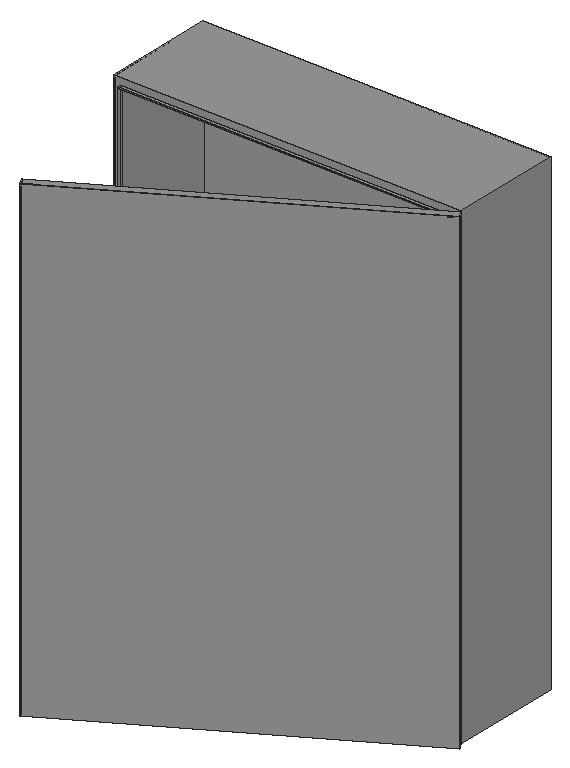
Revit family "Hager-Univers-IP55-D275-H1100-Cl.I-Steel_encl-NoHosted-SE-en", category Equipement électrique, Revit 2020
Family settings
  Configuration du panneau = Deux colonnes, circuits au sein
  Cote de connecteur circulaire = Utiliser le diamètre
  Type d'élément = Tableau de raccordement
  Basée sur le plan de construction = Oui
  Toujours verticalement = Oui
  Couper avec des vides une fois chargée = Non
  Partagée = Non
  Point de calcul de pièce = Non
Parameters (values of type "Surface mounted (plaster) IP55 W800 H1100 D275  - FR73E")
  Width Control [instance] = if([EF000008 - Width] > Min Width, [EF000008 - Width], Min Width)  # 800 mm
  Commentaires du type = [HG000003 - Range]  # "Univers"
  Thickness Door [instance] = if([EF009171 - Material plate thickness door/cover] > 3 mm, 3 mm, [EF009171 - Material plate thickness door/cover])  # 1.5 mm
  Seal Frame Offset [instance] = 17 mm  # constant formula
  Plinth Visibility [instance] = [HG000027 - Plinth height] > 0 mm  # no
  Min Width [instance] = 100 mm  # constant formula
  Min Depth [instance] = (2 * [EF009170 - Material plate thickness cabinet]) + 1 mm  # 4 mm
  Min Height [instance] = 100 mm  # constant formula
  Internal Frame Depth [instance] = (Door System Depth * 0.5)  # 9 mm
  Panel Name [instance] = ""  # (empty or 0)
  Model = ""
  HG000027 - Plinth height = 0 mm
  HG000026 - Floor standing = no
  HG000024 - Bottom section height = 600 mm
  HG000023 - Double section enclosure = no
  HG000016 - Door 3d visibility [instance] = yes
  HG000015 - Clearance visibility [instance] = no
  HG000014 - Door on the right [instance] = yes
  HG000013 - Door on the left [instance] = not([HG000014 - Door on the right])  # no
  HG000012 - Door swing angle [instance] = 30.00°
  HG000010 - Asymmetric doors = no
  HG000009 - Double swing door = no
  HG000006 - Flush mounted = no
  HG000004 - Manufacturer reference = "FR73E"
  HG000003 - Range = "Univers"
  HG000002 - With door or cover = yes
  Frame Offset Bottom [instance] = 10 mm  # constant formula
  Frame Offset [instance] = 15 mm  # constant formula
  EF015940 - Cover with overpressure release = no
  EF011959 - Degree of protection (NEMA) = ""
  EF009554 - Number of openings for flange plates = 6
  EF009212 - Cover model = "EV000116 - Closed"
  EF009171 - Material plate thickness door/cover = 1.5 mm
  EF009170 - Material plate thickness cabinet = 1.5 mm
  EF008873 - Nominal current (In) = 800 A
  EF007800 - Suitable for lightning protection = no
  EF006306 - With lock = no
  EF006244 - Transparent cover/door = no
  EF005474 - Degree of protection (IP) = "EV006420 - IP55"
  EF004464 - Type of door = "EV002646 - Single"
  EF004427 - Number of modules = 252
  EF004293 - Impact strength = "EV008784 - IK10"
  EF003532 - Suitable for outdoor use = no
  EF002950 - Width in number of modular spacings = 24
  EF001613 - Circuit integrity = "EV000494 - None"
  EF001596 - Material housing = "EV000179 - Steel"
  EF001131 - Internal depth = 275 mm
  EF001088 - Extension possible = yes
  EF000437 - Number of conduit inlets = 6
  EF000339 - Type of cover = "EV004216 - Door"
  EF000266 - Number of rows = 7
  EF000218 - Built-in depth = 0 mm
  EF000118 - With mounting plate = no
  EF000116 - RAL-number = "7035"
  EF000049 - Depth = 275 mm
  EF000040 - Height = 1100 mm
  EF000008 - Width = 800 mm
  EF000007 - Colour = "EV000270 - Grey"
  EF000003 - Mounting method = "EV000384 - Surface mounted (plaster)"
  Door System Leaf Tolerance [instance] = 1.5 mm  # constant formula
  Door System Depth [instance] = 18 mm  # constant formula
  Door Height [instance] = Height Control - [HG000027 - Plinth height]  # 1100 mm
  Description = ""
  Default Elevation = 1219.2 mm
  Connector Offset [instance] = Height Control / 2  # 550 mm
  Fabricant = "Hager"  # constant formula
  Height Control [instance] = if([EF000040 - Height] > Min Height, [EF000040 - Height], Min Height)  # 1100 mm
  Depth Control [instance] = if([EF000049 - Depth] > Min Depth, [EF000049 - Depth], Min Depth)  # 275 mm
  Bottom Top Plate Trim [instance] = 1.5 mm  # constant formula
  Plinth height Ctrl [instance] = if([HG000027 - Plinth height] > 0 mm, [HG000027 - Plinth height], 12 mm)  # 12 mm
Types (5, lengths in mm): name | Width Control | HG000010 - Asymmetric doors | HG000009 - Double swing door | HG000004 - Manufacturer reference | EF009554 - Number of openings for flange plates | EF004464 - Type of door | EF004427 - Number of modules | EF000437 - Number of conduit inlets | EF000008 - Width
  Surface mounted (plaster) IP55 W1050 H1100 D275  - FR74E | 1050 | no | yes | "FR74E" | 8 | "EV003602 - Double" | 336 | 8 | 1050
  Surface mounted (plaster) IP55 W1300 H1100 D275  - FR75E | 1300 | yes | yes | "FR75E" | 10 | "EV003602 - Double" | 420 | 10 | 1300
  Surface mounted (plaster) IP55 W300 H1100 D275  - FR71E | 300 | no | no | "FR71E" | 2 | "EV002646 - Single" | 84 | 2 | 300
  Surface mounted (plaster) IP55 W550 H1100 D275  - FR72E | 550 | no | no | "FR72E" | 4 | "EV002646 - Single" | 168 | 4 | 550
  Surface mounted (plaster) IP55 W800 H1100 D275  - FR73E | 800 | no | no | "FR73E" | 6 | "EV002646 - Single" | 252 | 6 | 800
Reference planes
  plane 1 "Center (Front/Back)": y = 0
  plane 2: z = 0
  plane 3 "Center (Left/Right)": x = 0
  plane 4: y = 0
  plane 5: y = 0
  plane 6: z = 0
  plane 7: x = -400
  plane 8: x = 400
  plane 9: x = 398.5
  plane 10: x = -398.5
  plane 11: z = 0
  plane 12: z = 1.5
  plane 13: y = -275
  plane 14: y = -1.5
  plane 15: x = 0
  plane 16: y = -257
  plane 17: y = -273.5
  plane 18: y = -255.5
  plane 19: x = -383.5
  plane 20: x = 383.5
  plane 21: z = 11.5
  plane 22: x = -383
  plane 23: x = 383
  plane 24: z = 0
  plane 25: z = 1100
  plane 26: z = 1100
  plane 27: z = 1083.5
  plane 28: z = 1098.5
Forms (mm)
  Extrusion 1, solid, material "Hager_Steel_RAL7035_Light_Grey", detail levels medium+fine
    sketch origin (-208.679, -4572, 0) x (-1, 0, 0) y (0, -1, 0)
      loop
        line (191.321, -4315) -> (-608.679, -4315) -> (-608.679, -4572) -> (191.321, -4572) -> (191.321, -4315)
    from 0 to 1100
  Extrusion 2, void
    sketch origin (-350.771, -275, 1219.2) x (1, 0, 0) y (0, 0, 1)
      loop
        line (-47.729, -120.7) -> (-47.729, -1217.7) -> (749.271, -1217.7) -> (749.271, -120.7) -> (-47.729, -120.7)
    from -19.5 to -273.5
  Extrusion 3, void
    sketch origin (-290.084, -257, 1219.2) x (1, 0, 0) y (0, 0, 1)
      loop
        line (-93.416, -1207.7) -> (673.584, -1207.7) -> (673.584, -135.7) -> (-93.416, -135.7) -> (-93.416, -1207.7)
    from 0 to -1.5
  Extrusion 4, solid, material "Hager_Steel_RAL7035_Light_Grey", visible <- "Plinth Visibility", detail levels medium+fine
    sketch origin (0, 0, 0) x (1, 0, 0) y (0, 1, 0)
      loop
        line (-400, 0) -> (-400, -257) -> (400, -257) -> (400, 0) -> (-400, 0)
    from 0 to 12 <- "Plinth height Ctrl"
  Extrusion 5, solid, material "Hager_Steel_RAL7035_Light_Grey", detail levels coarse
    sketch origin (0, 0, 0) x (1, 0, 0) y (0, 1, 0)
      loop
        line (-400, 0) -> (-400, -275) -> (400, -275) -> (400, 0) -> (-400, 0)
    from 0 to 1100 <- "Height Control"
  Sweep 6, void
    path in 3D
      loop
        line (-400, -257, 12) -> (400, -257, 12) -> (400, 0, 12) -> (-400, 0, 12) -> (-400, -257, 12)
    profile origin (-400, -128.5, 12) x (1, 0, 0) y (0, 0, 1)
      loop
        line (0, 0) -> (0, -1.5) -> (1.5, -1.5)
        arc (1.5, -1.5) -> (1.061, -0.439) -> (0, 0) r 1.5
  Extrusion 7, solid, material "Hager_Steel_RAL7035_Light_Grey", detail levels fine
    sketch origin (-400, -257, 0) x (1, 0, 0) y (0, 0, 1)
      loop
        line (16.5, 11.5) -> (783.5, 11.5) -> (783.5, 1083.5) -> (16.5, 1083.5) -> (16.5, 11.5)
      loop
        line (15, 10) -> (785, 10) -> (785, 1085) -> (15, 1085) -> (15, 10)
    from 0 to 9 <- "Internal Frame Depth"
Cuts and joins
  Extrusion 2, Extrusion 3 cuts Extrusion 1
  Sweep 6 cuts Extrusion 4
Lines and regions (mm)
  Masking region 1
    outline origin (0, 0, 0) x (1, 0, 0) y (0, 1, 0)
      loop
        line (-400, 0) -> (-400, -275) -> (400, -275) -> (400, 0) -> (-400, 0)
  Masking region 2, detail levels coarse
    outline origin (-290.084, -257, 1219.2) x (-1, 0, 0) y (0, 0, 1)
      loop
        line (-690.084, -1219.2) -> (109.916, -1219.2) -> (109.916, -119.2) -> (-690.084, -119.2) -> (-690.084, -1219.2)
  Masking region 3, detail levels coarse
    outline origin (0, 0, 0) x (0, 1, 0) y (0, 0, 1)
      loop
        line (0, 0) -> (0, 1100) -> (-275, 1100) -> (-275, 0) -> (0, 0)
  Masking region 4, visible <- "Plinth Visibility", detail levels medium+fine
    outline origin (0, 0, 0) x (0, 1, 0) y (0, 0, 1)
      loop
        line (-1.5, 12) -> (-255.5, 12)
        arc (-255.5, 12) -> (-255.939, 10.939) -> (-257, 10.5) r 1.5
        line (-257, 10.5) -> (-257, 0) -> (0, 0) -> (0, 10.5)
        arc (0, 10.5) -> (-1.061, 10.939) -> (-1.5, 12) r 1.5
  Masking region 5, detail levels medium+fine
    outline origin (0, 0, 594.038) x (0, 1, 0) y (0, 0, 1)
      loop
        line (0, -594.038) -> (0, 505.962) -> (-257, 505.962) -> (-257, -594.038) -> (0, -594.038)
  Masking region 6, detail levels medium+fine
    outline origin (-359.7, -257, 1211.883) x (-1, 0, 0) y (0, 0, 1)
      loop
        line (-759.7, -1211.883) -> (40.3, -1211.883) -> (40.3, -111.883) -> (-759.7, -111.883) -> (-759.7, -1211.883)
  Masking region 7, visible <- "Plinth Visibility", detail levels medium+fine
    outline origin (-320.334, -257, 1041.368) x (-1, 0, 0) y (0, 0, 1)
      loop
        line (-720.334, -1041.368) -> (79.666, -1041.368) -> (79.666, -1030.868)
        arc (79.666, -1030.868) -> (78.606, -1030.429) -> (78.166, -1029.368) r 1.5
        line (78.166, -1029.368) -> (-718.834, -1029.368)
        arc (-718.834, -1029.368) -> (-719.273, -1030.429) -> (-720.334, -1030.868) r 1.5
        line (-720.334, -1030.868) -> (-720.334, -1041.368)
  sketch lines
    curve 1: line (-400, 0, 12) -> (-400, -257, 12)
    curve 2: line (-400, -257, 12) -> (400, -257, 12)
    curve 3: line (400, 0, 12) -> (-400, 0, 12)
    curve 4: line (400, -257, 12) -> (400, 0, 12)
Dimensions and locks
  locked: plane 1 "Center (Front/Back)" to plane 5
  "EF009170 - Material plate thickness cabinet": plane 7 to plane 10
  "EF009170 - Material plate thickness cabinet": plane 8 to plane 9
  equal spacing: plane 7, plane 3 "Center (Left/Right)", plane 8
  "Width Control": plane 7 to plane 8
  "Depth Control": plane 4 to plane 13
  "EF009170 - Material plate thickness cabinet": plane 4 to plane 14
  "Height Control": plane 25 to level
  "HG000027 - Plinth height": plane 11 to level
  "EF009170 - Material plate thickness cabinet": plane 12 to plane 11
  "EF009170 - Material plate thickness cabinet": plane 17 to plane 13
  "EF009170 - Material plate thickness cabinet": plane 18 to plane 16
  "Frame Offset Bottom": plane 21 to plane 12
  "Frame Offset": plane 10 to plane 19
  "Frame Offset": plane 9 to plane 20
  "Door System Depth": plane 16 to plane 13
  "Seal Frame Offset": plane 7 to plane 22
  "Seal Frame Offset": plane 8 to plane 23
  "EF009170 - Material plate thickness cabinet": plane 26 to plane 28
  "Frame Offset": plane 28 to plane 27
  "Connector Offset": plane 2 to connector elem
  "Bottom Top Plate Trim": profile plane to Sweep 6 sketch curve
  "Bottom Top Plate Trim": Sweep 6 sketch curve to Sweep 6 sketch curve
  "Plinth height Ctrl": Masking region 4 sketch curve to level
  "Plinth height Ctrl": Masking region 7 sketch curve to level
  "Thickness Door": Extrusion 7 sketch curve to Extrusion 7 sketch curve  (x4)
  "Bottom Top Plate Trim": radius of Sweep 6 sketch curve
  "Bottom Top Plate Trim": radius of Masking region 4 sketch curve  (x2)
  "Bottom Top Plate Trim": radius of Masking region 7 sketch curve  (x2)
  aligned and locked: Extrusion 2 sketch curve to plane 12
  aligned and locked: Extrusion 2 sketch curve to plane 9
  aligned and locked: Extrusion 2 sketch curve to plane 10
  aligned and locked: Extrusion 2 to plane 14
  aligned and locked: Extrusion 1 sketch curve to plane 4
  aligned and locked: plane 8 to Extrusion 1 sketch curve
  aligned and locked: plane 7 to Extrusion 1 sketch curve
  aligned and locked: Extrusion 2 to plane 18
  aligned and locked: Extrusion 3 sketch curve to plane 19
  aligned and locked: plane 20 to Extrusion 3 sketch curve
  aligned and locked: Extrusion 3 to Extrusion 2
  aligned and locked: Extrusion 3 sketch curve to plane 21
  aligned and locked: plane 3 "Center (Left/Right)" to nested 1
  aligned and locked: Extrusion 1 sketch curve to plane 16
  aligned and locked: Extrusion 4 sketch curve to cut or joined group of Extrusion 1, Extrusion 2, Extrusion 3
  aligned and locked: Masking region 1 sketch curve to plane 7
  aligned and locked: Masking region 1 sketch curve to plane 5
  aligned and locked: Masking region 1 sketch curve to plane 8
  aligned and locked: Masking region 2 sketch curve to level
  aligned and locked: level to Masking region 3 sketch curve
  aligned and locked: plane 1 "Center (Front/Back)" to Masking region 3 sketch curve
  aligned and locked: plane 13 to Masking region 3 sketch curve
  aligned and locked: plane 5 to Masking region 4 sketch curve
  aligned and locked: Masking region 2 sketch curve to plane 8
  aligned and locked: Masking region 2 sketch curve to plane 7
  aligned and locked: plane 7 to nested 2
  aligned and locked: nested 2 to plane 5
  aligned and locked: plane 5 to Masking region 5 sketch curve
  aligned and locked: plane 26 to Masking region 5 sketch curve
  aligned and locked: Extrusion 5 sketch curve to plane 8
  aligned and locked: Extrusion 5 sketch curve to plane 7
  aligned and locked: Extrusion 5 sketch curve to plane 5
  aligned and locked: Extrusion 3 sketch curve to plane 27
  aligned and locked: Extrusion 2 sketch curve to plane 28
  aligned and locked: Masking region 2 to plane 25
  aligned and locked: Extrusion 4 to plane 16
  aligned and locked: profile plane to Sweep 6 sketch curve
  aligned and locked: Masking region 5 sketch curve to plane 24
  aligned and locked: level to Masking region 4 sketch curve
  aligned and locked: Masking region 1 to plane 13
  aligned and locked: nested 1 to plane 16
  aligned and locked: Masking region 3 to plane 25
  aligned and locked: plane 16 to Masking region 4 sketch curve
  aligned and locked: Masking region 5 sketch curve to plane 16
  aligned and locked: plane 24 to plane 11
  aligned and locked: plane 26 to plane 25
  aligned and locked: plane 26 to cut or joined group of Extrusion 1, Extrusion 2, Extrusion 3
  aligned and locked: nested 1 to plane 24
  aligned and locked: Extrusion 1 to Extrusion 3
  aligned and locked: Masking region 6 sketch curve to plane 8
  aligned and locked: Masking region 6 sketch curve to plane 24
  aligned and locked: Masking region 6 sketch curve to plane 7
  aligned and locked: Masking region 6 sketch curve to plane 26
  aligned and locked: Masking region 7 sketch curve to plane 7
  aligned and locked: level to Masking region 7 sketch curve
  aligned and locked: Masking region 7 sketch curve to plane 8
  aligned and locked: Extrusion 7 sketch curve to cut or joined group of Extrusion 1, Extrusion 2, Extrusion 3  (x4)
Automatic sketch dimensions
  plane 19 to Extrusion 3 sketch curve = 0 mm
  Extrusion 3 sketch curve to plane 20 = 0 mm
  Extrusion 3 sketch curve to plane 21 = 0 mm
  Extrusion 4 sketch curve to plane 7 = 0 mm
  Extrusion 4 sketch curve to plane 8 = 0 mm
  Extrusion 4 sketch curve to plane 16 = 0 mm
  Masking region 1 sketch curve to plane 13 = 0 mm
  Masking region 2 sketch curve to plane 25 = 0 mm
  Masking region 3 sketch curve to plane 25 = 0 mm
  Extrusion 5 sketch curve to plane 13 = 0 mm
  profile plane to Sweep 6 sketch curve = 0 mm
Nested families
  nested 1: "EC000058_Univers_Door" at (0, -257, 0), Double <- "HG000009 - Double swing door", Transparent <- "EF006244 - Transparent cover/door", Angle <- "HG000012 - Door swing angle", Door_Right <- "HG000014 - Door on the right", Assymetrical <- "HG000010 - Asymmetric doors", Door <- "HG000002 - With door or cover", Width_Ctrl <- "Width Control", 3d_Door <- "HG000016 - Door 3d visibility", Clearance <- "HG000015 - Clearance visibility", Door_Left <- "HG000013 - Door on the left", Width <- "Width Control", Door_Depth <- "Door System Depth", Leaf_Tolerance <- "Door System Leaf Tolerance", Height <- "Door Height", Lock_Visibility <- "EF006306 - With lock", Thickness <- "Thickness Door", type "EC000058_Univers_Door", detail levels medium+fine
    with min_wh 4 mm, Width_Ctrl 800 mm, Width 800 mm, Transparent no, Thickness 1.5 mm, Seal_Material Hager_Rubber, Lock_Visibility no, Lock_Material Hager_Plastic_RAL9005_Jet_Black, Leaf_Width 800 mm, Leaf_Tolerance_External_Sides 0 mm, Leaf_Tolerance 1.5 mm, Leaf_Offset 0 mm, Leaf_Height 1097 mm, Leaf_2_Width 800 mm, Leaf_2_Offset 400 mm, Leaf_1_Width 800 mm, Leaf_1_Offset 400 mm, Height_Ctrl 1100 mm, Height 1100 mm, Glass_Material Hager_Glass, Double_Clearance_Ctrl no, Double no, Door_Right_Ctrl yes, Door_Right yes, Door_Material Hager_Steel_RAL7035_Light_Grey, Door_Left_Ctrl no, Door_Left no, Door_Depth 18 mm, Door yes, Clearance_Material Hager_Clearance, Clearance_Depth 800 mm, Clearance_Ctrl no, Clearance no, Assymetrical no, Angle 30.00°, 3d_Door yes
  nested 2: "Hager_Enclosure_Symbol" at (-400, 0, 0), Height <- "Depth Control", Width <- "Width Control", type "Hager_Enclosure_Symbol"
    with Width_Ctrl 800 mm, Width 800 mm, Height_Ctrl 275 mm, Height 275 mm, A_Width_Int 18.047 mm, A_Width 216.562 mm, A_Height_Ctrl 240.625 mm, A_Height 240.625 mm
Connectors
  electrical at (0, 0, 550)
    settings: on plane 1 "Center (Front/Back)", index 1, voltage 0 V, apparent load 0 VA, apparent load phase1 0 VA, apparent load phase2 0 VA, apparent load phase3 0 VA, power factor 1, load classification "Other", number of poles 1, system type 30, power factor state 1, is connector primary yes, connector utility no, sub classification motor no, connector description ""
Definition of nested family "EC000058_Univers_Door"
  Parameters (values of type "EC000058_Univers_Door")
    min_wh [instance] = (2 * Thickness) + 1 mm  # 11 mm
    Width_Ctrl [instance] = 400 mm
    Width [instance] = 500 mm
    Transparent [instance] = yes
    Thickness [instance] = 5 mm
    Seal_Material [instance] = none
    Lock_Visibility [instance] = yes
    Lock_Material [instance] = none
    Leaf_Width [instance] = if((Width_Ctrl - 2 * Leaf_Tolerance_External_Sides) > 0 mm, (Width_Ctrl - 2 * Leaf_Tolerance_External_Sides), min_wh)  # 400 mm
    Leaf_Tolerance_External_Sides [instance] = 0 mm  # constant formula
    Leaf_Tolerance [instance] = 1.5 mm
    Leaf_Offset [instance] = 0 mm  # constant formula
    Leaf_Height [instance] = if((Height_Ctrl - 2 * Leaf_Tolerance) > 0 mm, (Height_Ctrl - 2 * Leaf_Tolerance), min_wh)  # 497 mm
    Leaf_2_Width [instance] = if(and(and(Double, Assymetrical), Door_Left), (Leaf_Width / 3) - (Leaf_Tolerance / 2), if(and(and(Double, Assymetrical), Door_Right), (Leaf_Width / 3) * 2 - (Leaf_Tolerance / 2), if(and(Double, not(Assymetrical)), (Leaf_Width / 2) - Leaf_Tolerance, Leaf_Width)))  # 400 mm
    Leaf_2_Offset [instance] = if(and(Double, Assymetrical), Leaf_2_Width / 2, if(and(Double, not(Assymetrical)), Leaf_Width / 4, Leaf_Width / 2))  # 200 mm
    Leaf_1_Width [instance] = if(and(and(Double, Assymetrical), Door_Right), (Leaf_Width / 3) - (Leaf_Tolerance / 2), if(and(and(Double, Assymetrical), Door_Left), (Width / 3) * 2 - (Leaf_Tolerance / 2), if(and(Double, not(Assymetrical)), (Leaf_Width / 2) - Leaf_Tolerance, Leaf_Width)))  # 400 mm
    Leaf_1_Offset [instance] = if(and(Double, Assymetrical), Leaf_1_Width / 2, if(and(Double, not(Assymetrical)), Leaf_Width / 4, Leaf_Width / 2))  # 200 mm
    Height_Ctrl [instance] = if(Height > min_wh, Height, min_wh)  # 500 mm
    Height [instance] = 500 mm
    Glass_Material [instance] = none
    Double_Clearance_Ctrl [instance] = and(Double, Clearance)  # no
    Double [instance] = no
    Door_Right_Ctrl [instance] = and(or(Door_Right, Double), Door)  # yes
    Door_Right [instance] = yes
    Door_Material [instance] = none
    Door_Left_Ctrl [instance] = and(or(Door_Left, Double), Door)  # no
    Door_Left [instance] = no
    Door_Depth [instance] = 30 mm
    Door [instance] = yes
    Default Elevation = 1219.2 mm
    Clearance_Material [instance] = none
    Clearance_Depth [instance] = if(Leaf_1_Width > Leaf_2_Width, Leaf_1_Width, Leaf_2_Width)  # 400 mm
    Clearance_Ctrl [instance] = and(not(Double), Clearance)  # yes
    Clearance [instance] = yes
    Assymetrical [instance] = yes
    Angle [instance] = 30.00°
    3d_Door [instance] = yes
  Reference planes
    plane 1 "Center (Front/Back)": y = 0
    plane 2 "Bottom": z = 0
    plane 3 "Center (Left/Right)": x = 0
    plane 4: z = 500
    plane 5: x = -200
    plane 6: x = 200
    plane 7: z = 500
    plane 8: x = -200
    plane 9: z = 0
    plane 10: x = 200
    plane 11: y = 0
    plane 12: z = 1.5
    plane 13: x = -600
    plane 14: y = -400
    plane 15: x = 600
    plane 16: x = 0
    plane 17: x = 0
    plane 18: x = -200
    plane 19: x = 200
    plane 20: z = 498.5
  Forms (mm)
    Extrusion 1, solid, material <- "Clearance_Material", visible <- "Double_Clearance_Ctrl"
      sketch origin (1200, 0, 0) x (1, 0, 0) y (0, 0, -1)
        loop
          line (-1800, -498.5) -> (-600, -498.5) -> (-600, 0) -> (-1800, 0) -> (-1800, -498.5)
      from 0 to -400
  Dimensions and locks
    equal spacing: plane 5, plane 3 "Center (Left/Right)", plane 6
    "Width_Ctrl": plane 5 to plane 6
    "Leaf_Offset": plane 5 to plane 8
    "Leaf_Offset": plane 6 to plane 10
    "Leaf_Offset": plane 9 to level
    "Leaf_Offset": plane 4 to plane 7
    "Height_Ctrl": plane 4 to level
    "Leaf_Tolerance": plane 12 to plane 9
    locked: plane 11 to plane 1 "Center (Front/Back)"
    "Leaf_1_Offset": plane 18 to plane 16
    "Leaf_2_Offset": plane 17 to plane 19
    "Leaf_1_Width": plane 13 to plane 8
    "Leaf_2_Width": plane 10 to plane 15
    "Clearance_Depth": plane 14 to plane 1 "Center (Front/Back)"
    "Leaf_Tolerance_External_Sides": plane 8 to plane 18
    "Leaf_Tolerance_External_Sides": plane 19 to plane 10
    "Leaf_Tolerance": plane 7 to plane 20
    aligned and locked: level to plane 2 "Bottom"
    aligned and locked: nested 1 to plane 16
    aligned and locked: nested 2 to plane 17
    aligned and locked: Extrusion 1 to plane 13
    aligned and locked: plane 15 to Extrusion 1
    aligned and locked: Extrusion 1 to plane 14
    aligned and locked: plane 12 to nested 1
    aligned and locked: nested 2 to plane 12
    aligned and locked: Extrusion 1 to plane 11
    aligned and locked: plane 20 to Extrusion 1
    aligned and locked: nested 2 to plane 11
    aligned and locked: nested 1 to plane 11
  Automatic sketch dimensions
    Extrusion 1 sketch curve to level = 0 mm
    plane 5 to Extrusion 1 sketch curve = 400 mm
    plane 6 to Extrusion 1 sketch curve = 400 mm
    Extrusion 1 sketch curve to plane 4 = 1.5 mm
  Nested families
    nested 1: "EC000058_Univers_Door_Leaf" at (0, 0, 1.5), Width <- "Leaf_1_Width", visible <- "Door_Left_Ctrl", Leaf_Height <- "Leaf_Height", Angle <- "Angle", 3d_Door <- "3d_Door", Transparent <- "Transparent", Clearance Material <- "Clearance_Material", Clearance <- "Clearance_Ctrl", Door_Material <- "Door_Material", Glass_Material <- "Glass_Material", Door_Depth <- "Door_Depth", Lock_Material <- "Lock_Material", Seal_Material <- "Seal_Material", Lock_Visibility <- "Lock_Visibility", Thickness <- "Thickness", type "EC000058_Univers_Door_Leaf"
      with Width 400 mm, Transparent_Glass_Offset 30 mm, Transparent_Ctrl yes, Transparent yes, Thickness 5 mm, Standard no, Seal_Material none, Seal_D2 8 mm, Seal_D1 1 mm, Offset_Internal_Frame 10 mm, Lock_Width 20 mm, Lock_Visibility_3d yes, Lock_Visibility yes, Lock_Thickness_3 3 mm, Lock_Thickness_2 1 mm, Lock_Thickness_1 3 mm, Lock_Radius_Offset_2 16 mm, Lock_Radius_Offset_1 15 mm, Lock_Radius_2 5 mm, Lock_Radius 6 mm, Lock_Offset 5 mm, Lock_Material none, Lock_Height 80 mm, Lock_Cover_Top_Offset_2d 17 mm, Lock_Cover_Height -65 mm, Leaf_Height 497 mm, Internal_Seal_Thickness 8 mm, Internal_Seal_Depth_2 4.5 mm, Internal_Frame_Depth 25 mm, Glass_Thickness -1 mm, Glass_Offset -2 mm, Glass_Material none, Door_Material none, Door_Depth 30 mm, Clearance Material none, Clearance yes, Angle_Ctrl 30.00°, Angle 30.00°, 3d_Door yes
    nested 2: "EC000058_Univers_Door_Leaf" at (0, 0, 1.5) x (-1, 0, 0) z (0, 0, 1), Width <- "Leaf_2_Width", visible <- "Door_Right_Ctrl", Leaf_Height <- "Leaf_Height", Angle <- "Angle", 3d_Door <- "3d_Door", Transparent <- "Transparent", Clearance Material <- "Clearance_Material", Clearance <- "Clearance_Ctrl", Door_Material <- "Door_Material", Glass_Material <- "Glass_Material", Door_Depth <- "Door_Depth", Lock_Material <- "Lock_Material", Seal_Material <- "Seal_Material", Lock_Visibility <- "Lock_Visibility", Thickness <- "Thickness", type "EC000058_Univers_Door_Leaf"
      with Width 400 mm, Transparent_Glass_Offset 30 mm, Transparent_Ctrl yes, Transparent yes, Thickness 5 mm, Standard no, Seal_Material none, Seal_D2 8 mm, Seal_D1 1 mm, Offset_Internal_Frame 10 mm, Lock_Width 20 mm, Lock_Visibility_3d yes, Lock_Visibility yes, Lock_Thickness_3 3 mm, Lock_Thickness_2 1 mm, Lock_Thickness_1 3 mm, Lock_Radius_Offset_2 16 mm, Lock_Radius_Offset_1 15 mm, Lock_Radius_2 5 mm, Lock_Radius 6 mm, Lock_Offset 5 mm, Lock_Material none, Lock_Height 80 mm, Lock_Cover_Top_Offset_2d 17 mm, Lock_Cover_Height -65 mm, Leaf_Height 497 mm, Internal_Seal_Thickness 8 mm, Internal_Seal_Depth_2 4.5 mm, Internal_Frame_Depth 25 mm, Glass_Thickness -1 mm, Glass_Offset -2 mm, Glass_Material none, Door_Material none, Door_Depth 30 mm, Clearance Material none, Clearance yes, Angle_Ctrl 30.00°, Angle 30.00°, 3d_Door yes
  Definition of nested family "EC000058_Univers_Door_Leaf"
    Parameters (values of type "EC000058_Univers_Door_Leaf")
      Width [instance] = 2000 mm
      Transparent_Glass_Offset [instance] = 30 mm
      Transparent_Ctrl [instance] = and(Transparent, [3d_Door])  # yes
      Transparent [instance] = yes
      Thickness [instance] = 5 mm
      Standard [instance] = and(not(Transparent), [3d_Door])  # no
      Seal_Material [instance] = none
      Seal_D2 [instance] = 8 mm  # constant formula
      Seal_D1 [instance] = 1 mm  # constant formula
      Offset_Internal_Frame [instance] = 10 mm  # constant formula
      Lock_Width [instance] = 20 mm  # constant formula
      Lock_Visibility_3d [instance] = and(Lock_Visibility, [3d_Door])  # yes
      Lock_Visibility [instance] = yes
      Lock_Thickness_3 [instance] = 3 mm  # constant formula
      Lock_Thickness_2 [instance] = 1 mm  # constant formula
      Lock_Thickness_1 [instance] = 3 mm  # constant formula
      Lock_Radius_Offset_2 [instance] = Lock_Radius_Offset_1 + 1 mm  # 16 mm
      Lock_Radius_Offset_1 [instance] = 15 mm  # constant formula
      Lock_Radius_2 [instance] = Lock_Radius - 1 mm  # 5 mm
      Lock_Radius [instance] = 6 mm  # constant formula
      Lock_Offset [instance] = 5 mm  # constant formula
      Lock_Material [instance] = none
      Lock_Height [instance] = 80 mm  # constant formula
      Lock_Cover_Top_Offset_2d [instance] = Lock_Radius_Offset_2 + 1 mm  # 17 mm
      Lock_Cover_Height [instance] = -(Lock_Height - Lock_Radius_Offset_1)  # -65 mm
      Leaf_Height [instance] = 2720.336 mm
      Internal_Seal_Thickness [instance] = 8 mm  # constant formula
      Internal_Seal_Depth_2 [instance] = 4.5 mm  # constant formula
      Internal_Frame_Depth [instance] = if(Door_Depth - Thickness > 5 mm, Door_Depth - Thickness, 5 mm)  # 25 mm
      Glass_Thickness [instance] = if(Thickness > 15 mm, Glass_Offset + 10 mm, -1 mm)  # -1 mm
      Glass_Offset [instance] = if(Thickness > 15 mm, -(Thickness + 10 mm) / 2, -2 mm)  # -2 mm
      Glass_Material [instance] = none
      Door_Material [instance] = none
      Door_Depth [instance] = 30 mm
      Default Elevation = 0 mm
      Clearance Material [instance] = none
      Clearance [instance] = yes
      Angle_Ctrl [instance] = if(Angle > 180.00°, 180.00°, Angle)  # 90.00°
      Angle [instance] = 90.00°
      3d_Door [instance] = yes
    Reference planes
      plane 1 "Center (Front/Back)": y = 0
      plane 2: z = 0
      plane 3 "Center (Left/Right)": x = 0
      plane 4: y = 2000
      plane 5: x = -1000
      plane 6: x = 1000
      plane 7: x = -3000
      plane 8: z = 2720.336
      plane 9: z = 30
      plane 10: z = 2690.336
      plane 11: x = 970
      plane 12: x = -970
      plane 13: y = -3
      plane 14: z = 107.833
      plane 15: y = -5
      plane 16: y = -223.314
      plane 17: x = -1000
      plane 18: z = 1360.168
      plane 19: y = 30
    Forms (mm)
      Extrusion 1, solid, material <- "Clearance Material", visible <- "Clearance"
        sketch origin (0, 0, 0) x (1, 0, 0) y (0, 0, 1)
          loop
            line (-3000, 2720.336) -> (-3000, 0) -> (1000, 0) -> (1000, 2720.336) -> (-3000, 2720.336)
        from 0 to -2000
      Extrusion 2, solid, material <- "Door_Material", visible <- "Standard", detail levels medium+fine
        sketch origin (-1000, 0, 0) x (0, 1, 0) y (-1, 0, 0)
          loop
            line (0, 30) -> (0, 25) -> (2000, 25) -> (2000, 30) -> (0, 30)
        from 0 to 2720.336 <- "Leaf_Height"
      Extrusion 3, solid, material <- "Door_Material", visible <- "Transparent_Ctrl", detail levels medium+fine
        sketch origin (-1000, 0, 0) x (0, 1, 0) y (-1, 0, 0)
          loop
            line (0, 25) -> (2000, 25) -> (2000, 30) -> (0, 30) -> (0, 25)
        from 0 to 2720.336 <- "Leaf_Height"
      Extrusion 4, void
        sketch origin (-1025, 2000, 0) x (0, 1, 0) y (0, 0, -1)
          loop
            line (-30, -2690.336) -> (-30, -30) -> (-1970, -30) -> (-1970, -2690.336) -> (-30, -2690.336)
        from 0 to 5 <- "Thickness"
      Sweep 5, solid, material <- "Seal_Material", visible <- "Transparent_Ctrl", detail levels fine
        path in 3D
          loop
            line (-1025, 30, 30) -> (-1025, 30, 2690.336) -> (-1025, 1970, 2690.336) -> (-1025, 1970, 30) -> (-1025, 30, 30)
        profile origin (-1025, 1000, 30) x (1, 0, 0) y (0, 0, 1)
          loop
            line (0, 0) -> (0, -8) -> (1, -8) -> (1, 0) -> (0, 0)
      Extrusion 6, solid, material <- "Glass_Material", visible <- "Transparent_Ctrl", detail levels medium+fine
        sketch origin (-1030, 0, 0) x (0, 1, 0) y (0, 0, -1)
          loop
            line (1970, -2690.336) -> (1970, -30) -> (30, -30) -> (30, -2690.336) -> (1970, -2690.336)
        from -2 <- "Glass_Offset" to -1 <- "Glass_Thickness"
      Extrusion 7, solid, material <- "Door_Material", visible <- "3d_Door", detail levels medium+fine
        sketch origin (-1025, 2000, 0) x (0, -1, 0) y (0, 0, -1)
          loop
            line (0, -2720.336) -> (2000, -2720.336) -> (2000, 0) -> (0, 0) -> (0, -2720.336)
          loop
            line (1995, -5) -> (5, -5) -> (5, -2715.336) -> (1995, -2715.336) -> (1995, -5)
        from 0 to 25 <- "Internal_Frame_Depth"
      Sweep 8, solid, material <- "Seal_Material", visible <- "Transparent_Ctrl", detail levels fine
        path in 3D
          loop
            line (-1025, 0, 0) -> (-1025, 2000, 0) -> (-1025, 2000, 2720.336) -> (-1025, 0, 2720.336) -> (-1025, 0, 0)
        profile origin (-1025, 0, 1360.168) x (1, 0, 0) y (0, 1, 0)
          loop
            line (0, 10) -> (2.975, 10)
            arc (2.975, 10) -> (4.053, 10.447) -> (4.5, 11.525) r 1.525
            line (4.5, 11.525) -> (4.5, 16.527)
            arc (4.5, 16.527) -> (4.069, 17.569) -> (3.027, 18) r 1.473
            line (3.027, 18) -> (0, 18) -> (0, 10)
      Extrusion 9, solid, material <- "Lock_Material", visible <- "Lock_Visibility_3d", detail levels fine
        sketch origin (-1030, 0, 0) x (0, 1, 0) y (0, 0, -1)
          loop
            arc (1993.5, -1400.168) -> (1994.561, -1399.729) -> (1995, -1398.668) r 1.5
            line (1995, -1398.668) -> (1995, -1320.168) -> (1975, -1320.168) -> (1975, -1398.668)
            arc (1975, -1398.668) -> (1975.439, -1399.729) -> (1976.5, -1400.168) r 1.5
            line (1976.5, -1400.168) -> (1993.5, -1400.168)
        from 3 <- "Lock_Thickness_1" to 0
      Blend 10, solid, material <- "Lock_Material", visible <- "Lock_Visibility_3d", detail levels fine
        base sketch origin (-1033, 0, 0) x (0, 1, 0) y (0, 0, -1)
          loop
            line (1975, -1320.168) -> (1975, -1398.668)
            arc (1975, -1398.668) -> (1975.439, -1399.729) -> (1976.5, -1400.168) r 1.5
            line (1976.5, -1400.168) -> (1993.5, -1400.168)
            arc (1993.5, -1400.168) -> (1994.561, -1399.729) -> (1995, -1398.668) r 1.5
            line (1995, -1398.668) -> (1995, -1320.168) -> (1975, -1320.168)
        top sketch origin (-1033, 0, 0) x (0, 1, 0) y (0, 0, -1)
          loop
            line (1976, -1320.168) -> (1976, -1398.668)
            arc (1976, -1398.668) -> (1976.146, -1399.022) -> (1976.5, -1399.168) r 0.5
            line (1976.5, -1399.168) -> (1993.5, -1399.168)
            arc (1993.5, -1399.168) -> (1993.854, -1399.022) -> (1994, -1398.668) r 0.5
            line (1994, -1398.668) -> (1994, -1320.168) -> (1976, -1320.168)
        from 0 to 1 <- "Lock_Thickness_2"
      Blend 11, solid, material <- "Lock_Material", visible <- "Lock_Visibility_3d", detail levels fine
        base sketch origin (-1034, 0, 0) x (0, 1, 0) y (0, 0, -1)
          loop
            line (1978, -1320.168) -> (1978, -1384.168)
            arc (1978, -1384.168) -> (1985, -1391.168) -> (1992, -1384.168) r 7
            line (1992, -1384.168) -> (1992, -1320.168) -> (1978, -1320.168)
        top sketch origin (-1034, 0, 0) x (0, 1, 0) y (0, 0, -1)
          loop
            line (1991, -1320.168) -> (1979, -1320.168) -> (1979, -1383.168)
            arc (1979, -1383.168) -> (1985, -1389.168) -> (1991, -1383.168) r 6
            line (1991, -1383.168) -> (1991, -1320.168)
        from 0 to 3 <- "Lock_Thickness_3"
      Extrusion 12, solid, material <- "Lock_Material", visible <- "Lock_Visibility_3d", detail levels fine
        sketch origin (-1030, 1975, 1320.168) x (1, 0, 0) y (0, -1, 0)
          loop
            line (-7, -19) -> (-7, -1) -> (0, -1) -> (0, 0) -> (-8, 0) -> (-8, -20) -> (0, -20) -> (0, -19) -> (-7, -19)
        from 0 to -65 <- "Lock_Cover_Height"
      Extrusion 13, void
        sketch origin (-1038, 1995, 1320.168) x (-1, 0, 0) y (0, 0, -1)
          loop
            line (-5, -65) -> (0, -65) -> (-5, -60) -> (-5, -65)
        from 0 to 20 <- "Lock_Width"
      Extrusion 14, void
        sketch origin (-1038, 1975, 1320.168) x (0, -1, 0) y (0, 0, -1)
          loop
            circle (-10, -15.995) r 6
          loop
            circle (-10, -15.995) r 5
        from 0 to 2
      Extrusion 15, solid, material <- "Lock_Material", visible <- "Lock_Visibility_3d", detail levels medium
        sketch origin (-1030, 0, 0) x (0, 1, 0) y (0, 0, -1)
          loop
            arc (1993.5, -1400.168) -> (1994.561, -1399.729) -> (1995, -1398.668) r 1.5
            line (1995, -1398.668) -> (1995, -1320.168) -> (1975, -1320.168) -> (1975, -1398.668)
            arc (1975, -1398.668) -> (1975.439, -1399.729) -> (1976.5, -1400.168) r 1.5
            line (1976.5, -1400.168) -> (1993.5, -1400.168)
        from 8 to 0
    Cuts and joins
      Extrusion 4 cuts Extrusion 3
      Extrusion 13, Extrusion 14 cuts Extrusion 9
      Extrusion 14 cuts Blend 11
      Extrusion 13, Extrusion 14 cuts Extrusion 12
      joined: Extrusion 9, Blend 10, Blend 11, Extrusion 12
      Extrusion 14 cuts Extrusion 15
    Lines and regions (mm)
      Masking region 1, visible <- "Lock_Visibility", detail levels fine
        outline origin (0, 0, 0) x (0, 1, 0) y (0, 0, 1)
          loop
            line (30, 1320.168) -> (33, 1320.168) -> (33, 1400.168) -> (30, 1400.168) -> (30, 1320.168)
      Masking region 2, visible <- "Lock_Visibility", detail levels fine
        outline origin (0, 3.143, 0) x (0, 1, 0) y (0, 0, 1)
          loop
            line (29.857, 1354.168) -> (30.857, 1354.168) -> (30.857, 1366.168) -> (29.857, 1366.168) -> (29.857, 1354.168)
      Masking region 3, detail levels medium+fine
        outline origin (0, 0, 0) x (0, 1, 0) y (0, 0, 1)
          loop
            line (0, 0) -> (30, 0) -> (30, 2720.336) -> (0, 2720.336) -> (0, 0)
      Masking region 4, detail levels medium+fine
        outline origin (0, 0, 0) x (1, 0, 0) y (0, 0, 1)
          loop
            line (-1000, 2720.336) -> (-1000, 0) -> (1000, 0) -> (1000, 2720.336) -> (-1000, 2720.336)
      Masking region 5, visible <- "Lock_Visibility", detail levels fine
        outline origin (-47.116, 0, 0) x (1, 0, 0) y (0, 0, 1)
          loop
            arc (1024.616, 1399.168) -> (1023.556, 1398.729) -> (1023.116, 1397.668) r 1.5
            line (1023.116, 1397.668) -> (1023.116, 1320.168) -> (1041.116, 1320.168) -> (1041.116, 1397.668)
            arc (1041.116, 1397.668) -> (1040.677, 1398.729) -> (1039.616, 1399.168) r 1.5
            line (1039.616, 1399.168) -> (1024.616, 1399.168)
      Masking region 6, visible <- "Lock_Visibility", detail levels medium+fine
        outline origin (-25, 0, 0) x (1, 0, 0) y (0, 0, 1)
          loop
            arc (1001.5, 1400.168) -> (1000.439, 1399.729) -> (1000, 1398.668) r 1.5
            line (1000, 1398.668) -> (1000, 1320.168) -> (1020, 1320.168) -> (1020, 1398.668)
            arc (1020, 1398.668) -> (1019.561, 1399.729) -> (1018.5, 1400.168) r 1.5
            line (1018.5, 1400.168) -> (1001.5, 1400.168)
      Masking region 7, visible <- "Lock_Visibility", detail levels fine
        outline origin (-73.735, 0, 0) x (1, 0, 0) y (0, 0, 1)
          loop
            line (1051.735, 1382.168) -> (1065.735, 1382.168) -> (1065.735, 1384.168)
            arc (1065.735, 1384.168) -> (1058.735, 1391.168) -> (1051.735, 1384.168) r 7
            line (1051.735, 1384.168) -> (1051.735, 1382.168)
      Masking region 8, visible <- "Lock_Visibility", detail levels fine
        outline origin (-73.735, 0, 0) x (1, 0, 0) y (0, 0, 1)
          loop
            line (1052.735, 1382.168) -> (1064.735, 1382.168) -> (1064.735, 1383.168)
            arc (1064.735, 1383.168) -> (1058.735, 1389.168) -> (1052.735, 1383.168) r 6
            line (1052.735, 1383.168) -> (1052.735, 1382.168)
      Masking region 9, visible <- "Lock_Visibility", detail levels fine
        outline origin (-25, 0, 0) x (1, 0, 0) y (0, 0, 1)
          loop
            line (1020, 1320.168) -> (1020, 1382.168) -> (1000, 1382.168) -> (1000, 1320.168) -> (1020, 1320.168)
      Masking region 10, detail levels medium+fine
        outline origin (0, 0, 0) x (1, 0, 0) y (0, 0, 1)
          loop
            circle (985, 1335.144) r 6
      Masking region 11, detail levels fine
        outline origin (0, 0, 0) x (1, 0, 0) y (0, 0, 1)
          loop
            circle (985, 1335.144) r 5
      Masking region 12, visible <- "Lock_Visibility", detail levels fine
        outline origin (0, 12.767, 0) x (0, 1, 0) y (0, 0, 1)
          loop
            line (20.233, 1320.168) -> (21.233, 1320.168) -> (21.233, 1399.168) -> (20.233, 1400.168) -> (20.233, 1320.168)
      Masking region 13, visible <- "Lock_Visibility", detail levels fine
        outline origin (0, 13.767, -10) x (0, 1, 0) y (0, 0, 1)
          loop
            line (20.233, 1330.168) -> (23.233, 1330.168) -> (23.233, 1399.168) -> (20.233, 1402.168) -> (20.233, 1330.168)
      Masking region 14, visible <- "Lock_Visibility", detail levels fine
        outline origin (0, 12.767, -10) x (0, 1, 0) y (0, 0, 1)
          loop
            line (20.233, 1330.168) -> (25.233, 1330.168) -> (25.233, 1399.305) -> (20.233, 1394.305) -> (20.233, 1330.168)
      Masking region 15, visible <- "Lock_Visibility", detail levels medium
        outline origin (0, 0, 0) x (0, 1, 0) y (0, 0, 1)
          loop
            line (30, 1320.168) -> (38, 1320.168) -> (38, 1400.168) -> (30, 1400.168) -> (30, 1320.168)
      Masking region 16, visible <- "Lock_Visibility", detail levels fine
        outline origin (-1000, 0, 0) x (0, 1, 0) y (-1, 0, 0)
          loop
            line (1975, 30) -> (1995, 30) -> (1995, 38) -> (1975, 38) -> (1975, 30)
          loop
            line (1979, 37) -> (1976, 37) -> (1976, 34) -> (1978, 34) -> (1979, 37)
          loop
            line (1994, 37) -> (1991, 37) -> (1992, 34) -> (1994, 34) -> (1994, 37)
      Masking region 17, visible <- "Lock_Visibility", detail levels medium
        outline origin (-1000, 0, 0) x (0, 1, 0) y (-1, 0, 0)
          loop
            line (1975, 30) -> (1995, 30) -> (1995, 38) -> (1975, 38) -> (1975, 30)
      symbolic lines
        curve 1: line (1000, 0, 0) -> (-3000, 0, 0)
        curve 2: arc (1000, 0, 0) -> (-1000, 2000, 0) -> (-3000, 0, 0) r 2000
        curve 4: line (-1030, 0, 0) -> (-1030, 2000, 0)
      reference lines
        curve 3: line (-1000, 0, 0) -> (-1000, 2000, 0)
      symbolic lines, detail levels medium+fine
        curve 5: line (-1030, 2000, 0) -> (-1025, 2000, 0)
        curve 7: line (-1025, 0, 0) -> (-1030, 0, 0)
        curve 8: line (-1025, 0, 0) -> (-1000, 0, 0)
        curve 9: line (-1000, 0, 0) -> (-1000, 2000, 0)
        curve 10: line (-1000, 2000, 0) -> (-1025, 2000, 0)
      symbolic lines, detail levels fine
        curve 6: line (-1025, 2000, 0) -> (-1025, 0, 0)
      sketch lines
        curve 11: line (-1025, 0, 2720.336) -> (-1025, 0, 0)
        curve 12: line (-1025, 2000, 0) -> (-1025, 0, 0)
        curve 13: line (-1025, 2000, 2720.336) -> (-1025, 2000, 0)
        curve 14: line (-1025, 0, 2720.336) -> (-1025, 2000, 2720.336)
        curve 15: line (-1025, 1970, 30) -> (-1025, 30, 30)
        curve 16: line (-1025, 30, 30) -> (-1025, 30, 2690.336)
        curve 17: line (-1025, 1970, 2690.336) -> (-1025, 1970, 30)
        curve 18: line (-1025, 30, 2690.336) -> (-1025, 1970, 2690.336)
      symbolic lines, visible <- "Transparent", detail levels medium+fine
        curve 19: line (-970, 0, 2690.336) -> (970, 0, 2690.336)
        curve 20: line (-970, 0, 30) -> (-970, 0, 2690.336)
        curve 21: line (970, 0, 30) -> (-970, 0, 30)
        curve 22: line (970, 0, 2690.336) -> (970, 0, 30)
    Dimensions and locks
      "Width": plane 1 "Center (Front/Back)" to plane 4
      equal spacing: plane 5, plane 3 "Center (Left/Right)", plane 6
      "Width": plane 5 to plane 6
      "Width": plane 7 to plane 5
      "Leaf_Height": plane 8 to level
      "Width": curve 5 to curve 3
      "Width": curve 3 to curve 3
      plane 8 to plane 10 = 30 mm
      plane 9 to level = 30 mm
      plane 12 to plane 5 = 30 mm
      plane 6 to plane 11 = 30 mm
      Extrusion 1 to Extrusion 4 sketch curve = 30 mm
      "Transparent_Glass_Offset": curve 3 to Extrusion 4 sketch curve
      "Transparent_Glass_Offset": Extrusion 4 sketch curve to cut or joined group of Extrusion 3, Extrusion 4  (x2)
      cut or joined group of Extrusion 3, Extrusion 4 to Extrusion 6 sketch curve = 30 mm
      "Transparent_Glass_Offset": cut or joined group of Extrusion 3, Extrusion 4 to Extrusion 4 sketch curve
      "Thickness": curve 6 to curve 4
      "Thickness": Extrusion 7 sketch curve to Extrusion 7 sketch curve  (x4)
      "Door_Depth": curve 4 to curve 3
      "Offset_Internal_Frame": profile plane to Sweep 8 sketch curve
      "Internal_Seal_Thickness": Sweep 8 sketch curve to Sweep 8 sketch curve
      "Internal_Seal_Depth_2": profile plane to Sweep 8 sketch curve
      "Seal_D1": profile plane to Sweep 5 sketch curve
      "Seal_D2": profile plane to Sweep 5 sketch curve
      "Thickness": Extrusion 2 sketch curve to Extrusion 2 sketch curve
      equal spacing: Extrusion 9 sketch curve, plane 18, Extrusion 9 sketch curve  (x2)
      equal spacing: Masking region 1 sketch curve, plane 18, Masking region 1 sketch curve
      "Lock_Height": Masking region 1 sketch curve to Masking region 1 sketch curve
      "Lock_Radius": Masking region 2 sketch curve to plane 18 to Masking region 2 sketch curve
      Masking region 2 sketch curve to Masking region 1 = 1 mm
      "Door_Depth": plane 19 to plane 1 "Center (Front/Back)"
      "Lock_Thickness_1": Masking region 1 sketch curve to plane 19
      "Lock_Width": Extrusion 9 sketch curve to Extrusion 9 sketch curve
      "Lock_Height": Extrusion 9 sketch curve to Extrusion 9 sketch curve
      "Lock_Offset": cut or joined group of Extrusion 3, Extrusion 4 to Extrusion 9 sketch curve
      equal spacing: plane 8, plane 18, level
      "Lock_Radius_Offset_1": Blend 11 sketch curve to Blend 10
      locked: Blend 10 to Blend 11 sketch curve at 2  (x2)
      locked: var sketch to Blend 11 sketch curve at 1  (x2)
      "Lock_Radius_Offset_2": Blend 11 sketch curve to Blend 10
      locked: Extrusion 12 sketch curve to Extrusion 12 sketch curve at 1  (x3)
      Masking region 6 sketch curve to Masking region 6 sketch curve = 80 mm
      "Lock_Height": Masking region 6 sketch curve to Masking region 6 sketch curve
      "Lock_Width": Masking region 6 sketch curve to Masking region 6 sketch curve
      locked: Masking region 6 to Masking region 5 sketch curve at 1  (x3)
      locked: Masking region 5 to Masking region 7 sketch curve at 2  (x2)
      "Lock_Radius_Offset_1": Masking region 5 to Masking region 7 sketch curve
      "Lock_Radius_Offset_2": Masking region 5 to Masking region 8 sketch curve
      locked: Masking region 7 to Masking region 8 sketch curve at 1  (x2)
      "Lock_Cover_Top_Offset_2d": Masking region 5 to Masking region 9 sketch curve
      equal spacing: Masking region 9, Masking region 10 sketch curve, Masking region 9
      equal spacing: Masking region 9, Masking region 11 sketch curve, Masking region 9
      Extrusion 15 sketch curve to Extrusion 15 sketch curve = 80 mm
      "Lock_Width": Extrusion 15 sketch curve to Extrusion 15 sketch curve
      "Lock_Height": Extrusion 15 sketch curve to Extrusion 15 sketch curve
      equal spacing: Extrusion 15 sketch curve, plane 18, Extrusion 15 sketch curve
      "Lock_Thickness_3": Masking region 13 sketch curve to Masking region 13 sketch curve
      "Lock_Height": Masking region 12 sketch curve to Masking region 12 sketch curve
      locked: Masking region 13 sketch curve to Masking region 1 at 8
      locked: Masking region 14 sketch curve to Masking region 13 at 1
      locked: Masking region 14 sketch curve to Masking region 1 at 10.863
      "Lock_Height": Masking region 15 sketch curve to Masking region 15 sketch curve
      "Lock_Offset": Extrusion 15 sketch curve to cut or joined group of Extrusion 3, Extrusion 4
      "Lock_Offset": plane 6 to Masking region 6 sketch curve
      radius of Sweep 8 sketch curve = 1.525 mm
      radius of Sweep 8 sketch curve = 1.473 mm
      radius of Extrusion 9 sketch curve = 1.5 mm  (x2)
      "Lock_Radius": radius of Extrusion 14 sketch curve
      "Lock_Radius_2": radius of Extrusion 14 sketch curve
      "Lock_Radius": radius of Masking region 10 sketch curve
      "Lock_Radius_2": radius of Masking region 11 sketch curve
      radius of Extrusion 15 sketch curve = 1.5 mm  (x2)
      "Angle_Ctrl": angle plane 1 "Center (Front/Back)" to curve 3
      locked: Masking region 12 sketch curve to Masking region 12 sketch curve (angle 45.00°)
      locked: Masking region 13 sketch curve to Masking region 13 sketch curve (angle 45.00°)
      locked: Masking region 14 sketch curve to Masking region 14 sketch curve (angle 45.00°)
      aligned and locked: level to plane 2
      aligned and locked: Extrusion 1 to curve 1
      aligned and locked: plane 6 to Extrusion 1
      aligned and locked: Extrusion 1 to plane 1 "Center (Front/Back)"
      aligned and locked: plane 4 to Extrusion 1
      aligned and locked: plane 8 to Extrusion 1
      aligned and locked: curve 7 to Extrusion 2 sketch curve
      aligned and locked: curve 5 to Extrusion 2 sketch curve
      aligned and locked: curve 7 to Extrusion 3 sketch curve
      aligned and locked: Extrusion 3 sketch curve to curve 4
      aligned and locked: Extrusion 3 sketch curve to curve 6
      aligned and locked: Extrusion 3 sketch curve to curve 5
      aligned and locked: curve 9 to curve 3
      aligned and locked: Extrusion 7 sketch curve to cut or joined group of Extrusion 3, Extrusion 4  (x4)
      aligned and locked: plane 17 to curve 3
      aligned and locked: plane 1 "Center (Front/Back)" to curve 3
      aligned and locked: plane 17 to plane 5
      aligned and locked: Sweep 8 sketch curve to profile plane
      aligned and locked: Sweep 5 sketch curve to profile plane  (x2)
      aligned and locked: Masking region 1 to Masking region 2 sketch curve
      aligned and locked: plane 19 to Masking region 1 sketch curve
      aligned and locked: plane 1 "Center (Front/Back)" to Masking region 3 sketch curve
      aligned and locked: plane 19 to Masking region 3 sketch curve
      aligned and locked: level to Masking region 3 sketch curve
      aligned and locked: Masking region 3 sketch curve to plane 8
      aligned and locked: plane 17 to Masking region 4 sketch curve
      aligned and locked: level to Masking region 4 sketch curve
      aligned and locked: Masking region 4 sketch curve to plane 8
      aligned and locked: plane 12 to curve 20
      aligned and locked: plane 10 to curve 19
      aligned and locked: plane 11 to curve 22
      aligned and locked: curve 21 to plane 9
      aligned and locked: Extrusion 2 sketch curve to cut or joined group of Extrusion 3, Extrusion 4
      aligned and locked: Blend 10 sketch curve to Extrusion 9  (x4)
      aligned and locked: Extrusion 9 to Blend 10 sketch curve
      aligned and locked: Blend 10 to Blend 11 sketch curve
      aligned and locked: Extrusion 12 sketch curve to Blend 11
      aligned and locked: Extrusion 12 sketch curve to Extrusion 9  (x4)
      aligned and locked: Masking region 5 sketch curve to Masking region 6
      aligned and locked: Masking region 9 sketch curve to Masking region 6  (x3)
      aligned and locked: Masking region 12 sketch curve to Masking region 1
      aligned and locked: Masking region 13 sketch curve to Masking region 1
      aligned and locked: Masking region 12 to Masking region 14
      aligned and locked: Masking region 14 sketch curve to Masking region 1
      aligned and locked: Masking region 15 sketch curve to Masking region 14
      aligned and locked: Masking region 13 sketch curve to Masking region 12
      aligned and locked: Masking region 16 sketch curve to cut or joined group of Extrusion 14, Extrusion 15  (x4)
      aligned and locked: Masking region 16 sketch curve to cut or joined group of Extrusion 9, Blend 10, Blend 11, Extrusion 12, Extrusion 13, Extrusion 14  (x6)
      aligned and locked: cut or joined group of Extrusion 9, Blend 10, Blend 11, Extrusion 12, Extrusion 13, Extrusion 14 to Masking region 16 sketch curve
      aligned and locked: Masking region 17 sketch curve to cut or joined group of Extrusion 14, Extrusion 15  (x3)
      aligned and locked: Masking region 17 sketch curve to cut or joined group of Extrusion 9, Blend 10, Blend 11, Extrusion 12, Extrusion 13, Extrusion 14
      aligned and locked: Masking region 9 to Masking region 8 sketch curve
      aligned and locked: Masking region 9 to Masking region 7 sketch curve
    Automatic sketch dimensions
      plane 1 "Center (Front/Back)" to curve 2 = 0 mm
      curve 2 to plane 5 = 0 mm
      Extrusion 1 sketch curve to level = 0 mm
      Extrusion 1 sketch curve to plane 7 = 0 mm
      Extrusion 1 sketch curve to plane 6 = 0 mm
      Extrusion 1 sketch curve to plane 8 = 0 mm
      Extrusion 3 to Extrusion 6 sketch curve = 30 mm  (x4)
      Masking region 4 sketch curve to plane 6 = 0 mm
      Blend 10 sketch curve to Extrusion 9 = 1.5 mm
      Blend 10 sketch curve to Extrusion 9 = 1 mm
      Extrusion 13 sketch curve to Extrusion 12 = 0 mm  (x2)
      Extrusion 12 to Extrusion 13 sketch curve = 3 mm
      Extrusion 13 sketch curve to Extrusion 12 = 5 mm
      Extrusion 14 sketch curve to Extrusion 14 sketch curve = 0 mm  (x2)
      Extrusion 14 sketch curve to Extrusion 12 = 10 mm
      Extrusion 14 sketch curve to Extrusion 12 = 15.995 mm
      Masking region 5 sketch curve to Masking region 5 sketch curve = 1.5 mm  (x2)
      Masking region 10 sketch curve to plane 18 = 25.024 mm
      Masking region 11 sketch curve to plane 18 = 25.024 mm
      plane 19 to Masking region 14 sketch curve = 3 mm
      Masking region 16 sketch curve to Masking region 16 sketch curve = 3 mm
      curve 4 to curve 3 = 0 mm
      Blend 10 to Blend 11 sketch curve = 0 mm
      Masking region 6 sketch curve to Masking region 6 sketch curve = 1.5 mm  (x2)
      Masking region 6 sketch curve to plane 18 = 40 mm
      plane 19 to Masking region 12 sketch curve = 3 mm
      Masking region 12 sketch curve to Masking region 12 sketch curve = 1 mm
      Masking region 15 sketch curve to plane 19 = 0 mm
      Masking region 15 sketch curve to plane 18 = 40 mm
      radius of Blend 10 sketch curve to Extrusion 9 = 1 mm
Definition of nested family "Hager_Enclosure_Symbol"
  Parameters (values of type "Hager_Enclosure_Symbol")
    Width_Ctrl [instance] = if(Width > 1 mm, Width, 1 mm)  # 102.27 mm
    Width [instance] = 102.27 mm
    Height_Ctrl [instance] = if(Height > 1 mm, Height, 1 mm)  # 66.5 mm
    A_Width_Int [instance] = if(A_Width / 12 > 2 mm, A_Width / 12, 2 mm)  # 4.364 mm
    A_Width [instance] = if(A_Height_Ctrl * 0.9 > 2 mm, A_Height_Ctrl * 0.9, 2 mm)  # 52.369 mm
    A_Height_Ctrl [instance] = if(A_Height > 2 mm, A_Height, 2 mm)  # 58.188 mm
    Height [instance] = 66.5 mm
    A_Height [instance] = Height - (Height / 8)  # 58.188 mm
  Reference planes
    plane 1 "Centre (avant/arrière)": y = 0
    plane 2: z = 0
    plane 3 "Centre (gauche/droite)": x = 0
    plane 4: x = 52.369
    plane 5: y = 33.042
    plane 6: y = 41.77
    plane 7: y = 66.5
    plane 8: x = 26.184
    plane 9: y = 37.406
    plane 10: x = 102.27
    plane 11: y = 66.5
    plane 12: y = 8.313
  Lines and regions (mm)
    Filled region 1, type "Solid_Black", in view "Niveau de réf."
      outline origin (0, 0, 0) x (1, 0, 0) y (0, 1, 0)
        loop
          line (52.369, 66.5) -> (33.188, 54.536) -> (45.365, 45.006) -> (52.369, 66.5)
    Filled region 2, type "Solid_Black", in view "Niveau de réf."
      outline origin (0, 0, 0) x (1, 0, 0) y (0, 1, 0)
        loop
          line (0, 0) -> (102.27, 0) -> (102.27, 66.5) -> (0, 0)
    detail lines, in view "Niveau de réf."
      curve 1: line (0, 8.313, 0) -> (26.184, 41.77, 0)
      curve 2: line (26.184, 41.77, 0) -> (26.184, 33.042, 0)
      curve 3: line (26.184, 33.042, 0) -> (52.369, 66.5, 0)
  Dimensions and locks
    "A_Width": plane 3 "Centre (gauche/droite)" to plane 4
    equal spacing: plane 3 "Centre (gauche/droite)", plane 8, plane 4
    equal spacing: plane 6, plane 9, plane 5
    equal spacing: curve 3, Filled region 1 sketch curve, Filled region 1 sketch curve
    "Height_Ctrl": plane 1 "Centre (avant/arrière)" to plane 11
    "A_Height_Ctrl": plane 11 to plane 12
    equal spacing: plane 11, plane 9, plane 12
    "A_Width_Int": plane 6 to plane 9
    "Width_Ctrl": plane 3 "Centre (gauche/droite)" to plane 10
    angle Filled region 1 sketch curve to curve 3 = 20.00°
    angle curve 3 to Filled region 1 sketch curve = 20.00°
    locked: curve 3 to Filled region 1 sketch curve (angle 90.00°)
    aligned and locked: plane 10 to Filled region 2
    aligned and locked: plane 11 to Filled region 2 sketch curve
    aligned and locked: plane 10 to Filled region 2 sketch curve
    aligned and locked: plane 3 "Centre (gauche/droite)" to curve 1
    aligned and locked: plane 12 to curve 1
    aligned and locked: plane 7 to plane 11
  Automatic sketch dimensions
    Filled region 1 sketch curve to plane 4 = 0 mm
    Filled region 1 sketch curve to plane 7 = 0 mm
    plane 1 "Centre (avant/arrière)" to Filled region 2 sketch curve = 0 mm
    Filled region 2 sketch curve to plane 3 "Centre (gauche/droite)" = 0 mm
    curve 2 to plane 6 = 0 mm
    curve 2 to plane 8 = 0 mm
    curve 3 to plane 4 = 0 mm
    curve 2 to plane 5 = 0 mm
    curve 3 to plane 7 = 0 mm
